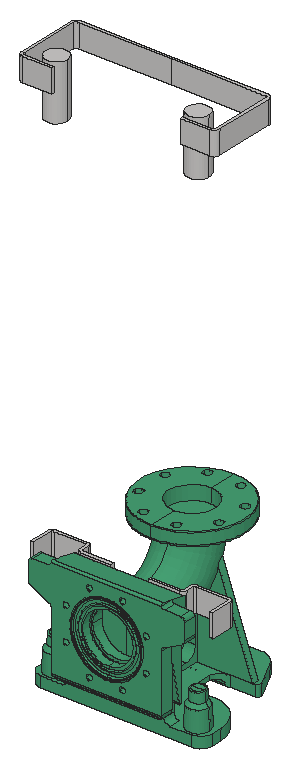
Revit family "xRail_System-Zoeller-(4_Inch)", category Mechanical Equipment, Revit 2014
Parameters (values of type "6039-0016 - 4" Rail System")
  Waste Connection = yes
  Vent Connection = no
  URL = "http://www.zoellerpumps.com/"
  Rail System Discharge Radius = 2"
  Rail System Discharge Diameter = Rail System Discharge Radius * 2  # 4"
  Pump Discharge Radius = 2"
  Pump Discharge Diameter = Pump Discharge Radius * 2  # 4"
  Product Page URL = ""
  Product Documentation Link = ""
  Price = "Prices may vary. Please consult Manufacturer Representative for most up-to-date price list."  # constant formula
  Non-Sparking Rail System = no
  Mounting Plate Material = Metal-Zoeller-Powder Coated Cast Iron
  Mounting Plate = Mounting_Plate-Zoeller-Rail_System-C00094 : C00094 - Mounting Plate
  Model = "4\" Rail System"
  Material = Metal-Zoeller-Epoxy Powder Coated Ductile Iron
  Manufacturer = "Zoeller"
  HW Connection = no
  Description = "4\" Guide Rail System SS"
  Default Elevation = 60"
  Creation Date = "1/25/2016"  # constant formula
  Connection Type = "4\" Horizontal Flange"
  CW Connection = yes
  Bracket Height = 60"
  Assembly Code = "D2030400"
Types (2): name | Non-Sparking Rail System | Mounting Plate Material | Mounting Plate
  6039-0016 - 4" Rail System | no | Metal-Zoeller-Powder Coated Cast Iron | Mounting_Plate-Zoeller-Rail_System-C00094 : C00094 - Mounting Plate
  6039-0017 - 4" Non-Sparking Rail System | yes | Brass-Zoeller-Copper Alloy | Mounting_Plate-Zoeller-Rail_System-C00095 : C00094 - Mounting Plate
Reference planes (in)
  plane 1 "Center (Front/Back)": y = 0
  plane 2: z = 0
  plane 3 "Center (Left/Right)": x = 0
  plane 4: z = 13.28125
  plane 5: y = -1.125
  plane 6: x = -4.75
  plane 7: x = 4.75
  plane 8: x = -4.125
  plane 9: x = 4.125
  plane 10: x = -3.1875
  plane 11: x = 3.1875
  plane 12: z = 6.5
  plane 13: z = 9.28125
  plane 14: x = -5.3125
  plane 15: x = 5.3125
  plane 16: through (-5.3125, -180, 0.91713) normal (-0.9397, 0, 0.342)
  plane 17: through (5.3125, -180, 0.91713) normal (-0.9397, 0, -0.342)
  plane 18: x = -6.125
  plane 19: x = 6.125
  plane 20: y = -8.1875
  plane 21: z = 48.53125
  plane 22: z = 48.28125
  plane 23: z = 43.78125
  plane 24: z = 46.28125
Forms (in)
  Revolve 1, solid, material "Metal-Zoeller-Powder Coated Cast Iron"
    sketch origin (0, 0, 0) x (0, 1, 0) y (0, 0, 1)
      loop
        line (2, 11.72292) -> (2.36773, 11.72292)
        arc (2.36773, 11.72292) -> (2.48171, 11.97646) -> (2.73893, 12.08186) r 0.375
        line (2.73893, 12.08186) -> (4.37718, 12.11047)
        arc (4.37718, 12.11047) -> (4.46416, 12.14784) -> (4.5, 12.23545) r 0.125
        line (4.5, 12.23545) -> (4.5, 13.20853)
        arc (4.5, 13.20853) -> (4.49402, 13.24671) -> (4.47667, 13.28125) r 0.125
        line (4.47667, 13.28125) -> (2, 13.28125) -> (2, 11.72292)
      axis (0, 13.28125) -> (0, 11.72292)
    angle from 0 to 360
  SweptBlend 2, solid, material "Metal-Zoeller-Powder Coated Cast Iron"
    path origin (0, 0, 0) x (0, 1, 0) y (0, 0, 1)
      loop
        arc (-5.5625, 6.5) -> (-1.62922, 8.12922) -> (0, 12.0625) r 5.5625
    profile origin (0, -5.5625, 6.5) x (0, 0, 1) y (1, 0, 0)
      loop
        circle (0, 0) r 2.375
    end profile origin (0, 0, 12.0625) x (0, -1, 0) y (1, 0, 0)
      loop
        circle (0, 0) r 2.39922
  Extrusion 3, solid, material "Metal-Zoeller-Powder Coated Cast Iron"
    sketch origin (-36.06949, 0, 0) x (1, 0, 0) y (0, 1, 0)
      loop
        arc (30.291, 0.23965) -> (30.30112, -0.00152) -> (30.51045, -0.12172) r 0.25
        line (30.51045, -0.12172) -> (32.71194, -0.16014)
        arc (32.71194, -0.16014) -> (33.40774, -0.45908) -> (33.69449, -1.15999) r 1
        line (33.69449, -1.15999) -> (33.69449, -2.27751)
        arc (33.69449, -2.27751) -> (33.40774, -2.97842) -> (32.71194, -3.27736) r 1
        line (32.71194, -3.27736) -> (31.51713, -3.29821)
        arc (31.51713, -3.29821) -> (29.42974, -4.19503) -> (28.56949, -6.29775) r 3
        line (28.56949, -6.29775) -> (28.56949, -7.1875)
        arc (28.56949, -7.1875) -> (28.86238, -7.89461) -> (29.56949, -8.1875) r 1
        line (29.56949, -8.1875) -> (42.56949, -8.1875)
        arc (42.56949, -8.1875) -> (43.2766, -7.89461) -> (43.56949, -7.1875) r 1
        line (43.56949, -7.1875) -> (43.56949, -6.29775)
        arc (43.56949, -6.29775) -> (42.70924, -4.19503) -> (40.62185, -3.29821) r 3
        line (40.62185, -3.29821) -> (39.42704, -3.27736)
        arc (39.42704, -3.27736) -> (38.73124, -2.97842) -> (38.44449, -2.27751) r 1
        line (38.44449, -2.27751) -> (38.44449, -1.15999)
        arc (38.44449, -1.15999) -> (38.73124, -0.45908) -> (39.42704, -0.16014) r 1
        line (39.42704, -0.16014) -> (41.62853, -0.12172)
        arc (41.62853, -0.12172) -> (41.83786, -0.00152) -> (41.84797, 0.23965) r 0.25
        line (41.84797, 0.23965) -> (40.64576, 2.65481)
        arc (40.64576, 2.65481) -> (39.92309, 3.45468) -> (38.89022, 3.76326) r 2
        line (38.89022, 3.76326) -> (36.06949, 3.8125) -> (33.24876, 3.76326)
        arc (33.24876, 3.76326) -> (32.21589, 3.45468) -> (31.49322, 2.65481) r 2
        line (31.49322, 2.65481) -> (30.291, 0.23965)
    from 0 to 0.91713
  Extrusion 4, solid, material "Metal-Zoeller-Powder Coated Cast Iron"
    sketch origin (0, 0, 0) x (0, 1, 0) y (0, 0, 1)
      loop
        line (3.77747, 1.08945) -> (1.12928, 8.34221)
        arc (1.12928, 8.34221) -> (-0.052, 6.69638) -> (-1.71017, 5.53249) r 6.05335
        line (-1.71017, 5.53249) -> (-2.30093, 5.25156) -> (-1.22345, 5.25156)
        arc (-1.22345, 5.25156) -> (-0.51501, 4.96209) -> (-0.21875, 4.25645) r 0.99992
        line (-0.21875, 4.25645) -> (-0.21875, 2.29672)
        arc (-0.21875, 2.29672) -> (-0.51159, 1.58971) -> (-1.2186, 1.29688) r 0.9998
        line (-1.2186, 1.29688) -> (-3.44577, 1.29687)
        arc (-3.44577, 1.29687) -> (-3.61234, 1.25785) -> (-3.74423, 1.14889) r 0.37493
        arc (-3.74423, 1.14889) -> (-3.8763, 1.03928) -> (-4.04338, 1) r 0.37493
        line (-4.04338, 1) -> (-6.1875, 1)
        arc (-6.1875, 1) -> (-6.89461, 1.29289) -> (-7.1875, 2) r 1
        line (-7.1875, 2) -> (-7.1875, 4.1679) -> (-8.1875, 4.1679) -> (-8.1875, 0.91713) -> (3.8125, 0.91713)
        arc (3.8125, 0.91713) -> (3.80144, 1.0046) -> (3.77747, 1.08945) r 0.59005
    from -0.5 to 0.5
  Extrusion 5, solid, material "Metal-Zoeller-Powder Coated Cast Iron"
    sketch origin (0, 0, 0) x (1, 0, 0) y (0, 0, 1)
      loop
        line (-5.3125, 0.91713) -> (5.3125, 0.91713) -> (1.99213, 10.03977) -> (-1.99213, 10.03977) -> (-5.3125, 0.91713)
    from -0.45581 to 0.12172
  Extrusion 6, solid, material "Metal-Zoeller-Powder Coated Cast Iron"
    sketch origin (0, 0, 0) x (1, 0, 0) y (0, 0, 1)
      loop
        line (-4.75, 9.28125) -> (-4.75, 2.06404) -> (-4.125, 2.06404) -> (-4.125, 1.41713)
        arc (-4.125, 1.41713) -> (-4.27145, 1.06358) -> (-4.625, 0.91713) r 0.5
        line (-4.625, 0.91713) -> (4.625, 0.91713)
        arc (4.625, 0.91713) -> (4.27145, 1.06358) -> (4.125, 1.41713) r 0.5
        line (4.125, 1.41713) -> (4.125, 2.06404) -> (4.75, 2.06404) -> (4.75, 9.28125) -> (-4.75, 9.28125)
      loop
        circle (0, 6.50003) r 2.09375
    from 7.1875 to 8.1875
  Extrusion 7, void
    sketch origin (0, 0, 0) x (0, 1, 0) y (0, 0, 1)
      loop
        line (-7.43204, 2.44583) -> (-8.27592, 6.41598) -> (-8.56019, 6.41598) -> (-8.56019, 1.41598) -> (-6.99933, 1.41598) -> (-6.99933, 2.24796) -> (-7.19639, 2.24796)
        arc (-7.19639, 2.24796) -> (-7.34826, 2.30635) -> (-7.43204, 2.44583) r 0.25
      loop
        line (-8.21819, 6.85563) -> (-7.67674, 9.40296) -> (-8.56019, 9.40296) -> (-8.56019, 6.85563) -> (-8.21819, 6.85563)
    from -4.75 to -4.125
  Extrusion 8, void
    sketch origin (0, 0, 0) x (0, 1, 0) y (0, 0, -1)
      loop
        arc (-7.43204, -2.44583) -> (-7.34826, -2.30635) -> (-7.19639, -2.24796) r 0.25
        line (-7.19639, -2.24796) -> (-6.99933, -2.24796) -> (-6.99933, -1.41598) -> (-8.56019, -1.41598) -> (-8.56019, -6.41598) -> (-8.27592, -6.41598) -> (-7.43204, -2.44583)
      loop
        line (-8.21819, -6.85563) -> (-8.56019, -6.85563) -> (-8.56019, -9.40296) -> (-7.67674, -9.40296) -> (-8.21819, -6.85563)
    from -4.75 to -4.125
  Revolve 9, solid, material "Metal-Zoeller-Powder Coated Cast Iron"
    sketch origin (0, 0, 0) x (0, 1, 0) y (0, 0, 1)
      loop
        line (-5.8051, 8.875) -> (-6.82709, 8.91534)
        arc (-6.82709, 8.91534) -> (-7.06237, 9.00864) -> (-7.1875, 9.22864) r 0.38157
        line (-7.1875, 9.22864) -> (-7.1875, 6.50003) -> (-5.5625, 6.50003) -> (-5.5625, 8.875) -> (-5.8051, 8.875)
      axis (-7.1875, 6.5) -> (-5.5625, 6.5)
    angle from 0 to 360
  Extrusion 10, void
    sketch origin (0, 0, 0) x (1, 0, 0) y (0, 0, 1)
      loop
        arc (-3.1875, 6.50003) -> (0, 3.31253) -> (3.1875, 6.50003) r 3.1875
        line (3.1875, 6.50003) -> (3.1875, 9.28125) -> (-3.1875, 9.28125) -> (-3.1875, 6.50003)
    from 8.06686 to 10.37384
  Extrusion 11, void
    sketch origin (0, 0, 0) x (0, 1, 0) y (0, 0, 1)
      loop
        line (-0.71867, 0.57812) -> (-2.71883, 0.57812)
        arc (-2.71883, 0.57812) -> (-3.05884, 0.4447) -> (-3.21734, 0.11562) r 0.49989
        line (-3.21734, 0.11562) -> (-3.2412, -0.20237) -> (-0.1963, -0.20237) -> (-0.22016, 0.11562)
        arc (-0.22016, 0.11562) -> (-0.37866, 0.4447) -> (-0.71867, 0.57812) r 0.49989
    from -7.5 to 7.5
  Extrusion 12, void
    sketch origin (0, 0, 0) x (1, 0, 0) y (0, 1, 0)
      loop
        circle (-6.125, -7) r 0.59375
      loop
        circle (-4.375, -5.4375) r 0.4375
      loop
        circle (4.375, -5.4375) r 0.4375
      loop
        circle (6.125, -7) r 0.59375
    from -0.26013 to 3.05873
  Extrusion 13, void
    sketch origin (0, 0, 0) x (1, 0, 0) y (0, 1, 0)
      loop
        circle (1.43506, 3.46455) r 0.375
      loop
        circle (3.46455, 1.43506) r 0.375
      loop
        circle (3.46455, -1.43506) r 0.375
      loop
        circle (1.43506, -3.46455) r 0.375
      loop
        circle (-1.43506, -3.46455) r 0.375
      loop
        circle (-3.46455, -1.43506) r 0.375
      loop
        circle (-3.46455, 1.43506) r 0.375
      loop
        circle (-1.43506, 3.46455) r 0.375
    from 10.95029 to 14.17309
  Revolve 14, solid, material "Metal-Zoeller-Powder Coated Cast Iron"
    sketch origin (0, -7, 0) x (1, 0, 0) y (0, 0, 1)
      loop
        line (-7.09375, 0.91713) -> (-6.125, 0.91713) -> (-6.125, 3.91713) -> (-6.67331, 3.91713)
        arc (-6.67331, 3.91713) -> (-6.71712, 3.89921) -> (-6.7358, 3.85572) r 0.0625
        line (-6.7358, 3.85572) -> (-6.75, 3.04213) -> (-7.04792, 2.66713) -> (-7.09375, 0.91713)
      axis (-6.125, 0.91713) -> (-6.125, 3.91713)
    angle from 0 to 360
  Revolve 15, solid, material "Metal-Zoeller-Powder Coated Cast Iron"
    sketch origin (0, -7, 0) x (-1, 0, 0) y (0, 0, -1)
      loop
        line (-7.09375, -0.91713) -> (-7.04792, -2.66713) -> (-6.75, -3.04213) -> (-6.7358, -3.85572)
        arc (-6.7358, -3.85572) -> (-6.71712, -3.89921) -> (-6.67331, -3.91713) r 0.0625
        line (-6.67331, -3.91713) -> (-6.125, -3.91713) -> (-6.125, -0.91713) -> (-7.09375, -0.91713)
      axis (-6.125, -0.91713) -> (-6.125, -3.91713)
    angle from 0 to 360
  Extrusion 16, solid, material "Metal-Zoeller-304 Stainless Steel"
    sketch origin (-34.25979, -33.24117, 36.53125) x (1, 0, 0) y (0, 1, 0)
      loop
        line (26.19979, 31.04117) -> (34.25979, 31.04117) -> (42.31979, 31.04117)
        arc (42.31979, 31.04117) -> (42.49657, 30.96794) -> (42.56979, 30.79117) r 0.25
        line (42.56979, 30.79117) -> (42.56979, 25.54117)
        arc (42.56979, 25.54117) -> (42.49657, 25.36439) -> (42.31979, 25.29117) r 0.25
        line (42.31979, 25.29117) -> (39.81979, 25.29117) -> (39.81979, 25.04117) -> (42.31979, 25.04117)
        arc (42.31979, 25.04117) -> (42.67334, 25.18761) -> (42.81979, 25.54117) r 0.5
        line (42.81979, 25.54117) -> (42.81979, 30.79117)
        arc (42.81979, 30.79117) -> (42.67334, 31.14472) -> (42.31979, 31.29117) r 0.5
        line (42.31979, 31.29117) -> (34.25979, 31.29117) -> (26.19979, 31.29117)
        arc (26.19979, 31.29117) -> (25.84624, 31.14472) -> (25.69979, 30.79117) r 0.5
        line (25.69979, 30.79117) -> (25.69979, 25.54117)
        arc (25.69979, 25.54117) -> (25.84624, 25.18761) -> (26.19979, 25.04117) r 0.5
        line (26.19979, 25.04117) -> (28.69979, 25.04117) -> (28.69979, 25.29117) -> (26.19979, 25.29117)
        arc (26.19979, 25.29117) -> (26.02301, 25.36439) -> (25.94979, 25.54117) r 0.25
        line (25.94979, 25.54117) -> (25.94979, 30.79117)
        arc (25.94979, 30.79117) -> (26.02301, 30.96794) -> (26.19979, 31.04117) r 0.25
    from 9.75 to 11.75
  Extrusion 17, solid, material "Metal-Zoeller-304 Stainless Steel"
    sketch origin (-34.25979, -33.24117, 36.53125) x (1, 0, 0) y (0, 1, 0)
      loop
        circle (28.13479, 26.24117) r 0.95
      loop
        circle (40.38479, 26.24117) r 0.95
    from 7.25 to 12
Cuts and joins
  Extrusion 10, Extrusion 11, Extrusion 12, Extrusion 13 cuts Revolve 1
  Extrusion 10, Extrusion 11, Extrusion 12, Extrusion 13 cuts SweptBlend 2
  Extrusion 7, Extrusion 8, Extrusion 10, Extrusion 11, Extrusion 12, Extrusion 13 cuts Extrusion 3
  Extrusion 7, Extrusion 10, Extrusion 11, Extrusion 12, Extrusion 13 cuts Extrusion 4
  Extrusion 7, Extrusion 8, Extrusion 10, Extrusion 11, Extrusion 12, Extrusion 13 cuts Extrusion 5
  Extrusion 7, Extrusion 8, Extrusion 10, Extrusion 11, Extrusion 12, Extrusion 13 cuts Extrusion 6
  joined: Revolve 1, SweptBlend 2, Extrusion 3, Extrusion 4, Extrusion 5, Extrusion 6, Revolve 14, Revolve 15
  Extrusion 10 cuts Revolve 9
Lines and regions (in)
  Masking region 1
    outline origin (0, 0, 0) x (1, 0, 0) y (0, 1, 0)
      loop
        arc (-4.55236, -3.29821) -> (-6.63975, -4.19503) -> (-7.5, -6.29775) r 3
        line (-7.5, -6.29775) -> (-7.5, -7.1875)
        arc (-7.5, -7.1875) -> (-7.20711, -7.89461) -> (-6.5, -8.1875) r 1
        line (-6.5, -8.1875) -> (6.5, -8.1875)
        arc (6.5, -8.1875) -> (7.20711, -7.89461) -> (7.5, -7.1875) r 1
        line (7.5, -7.1875) -> (7.5, -6.29775)
        arc (7.5, -6.29775) -> (6.63975, -4.19503) -> (4.55236, -3.29821) r 3
        line (4.55236, -3.29821) -> (3.35755, -3.27736)
        arc (3.35755, -3.27736) -> (3.22367, -3.26599) -> (3.09253, -3.23679) r 1
        arc (3.09253, -3.23679) -> (4.08795, -1.82461) -> (4.47446, -0.14065) r 4.47667
        line (4.47446, -0.14065) -> (5.55904, -0.12172)
        arc (5.55904, -0.12172) -> (5.76837, -0.00152) -> (5.77848, 0.23965) r 0.25
        line (5.77848, 0.23965) -> (4.57627, 2.65481)
        arc (4.57627, 2.65481) -> (3.8536, 3.45468) -> (2.82073, 3.76326) r 2
        line (2.82073, 3.76326) -> (2.41347, 3.77037)
        arc (2.41347, 3.77037) -> (0, 4.47667) -> (-2.41347, 3.77037) r 4.47667
        line (-2.41347, 3.77037) -> (-2.82073, 3.76326)
        arc (-2.82073, 3.76326) -> (-3.8536, 3.45468) -> (-4.57627, 2.65481) r 2
        line (-4.57627, 2.65481) -> (-5.77848, 0.23965)
        arc (-5.77848, 0.23965) -> (-5.76837, -0.00152) -> (-5.55904, -0.12172) r 0.25
        line (-5.55904, -0.12172) -> (-4.47446, -0.14065)
        arc (-4.47446, -0.14065) -> (-4.08795, -1.82461) -> (-3.09253, -3.23679) r 4.47667
        arc (-3.09253, -3.23679) -> (-3.22367, -3.26599) -> (-3.35755, -3.27736) r 1
        line (-3.35755, -3.27736) -> (-4.55236, -3.29821)
  symbolic lines, detail levels fine
    curve 1: arc (-4.47446, -0.14065, 0) -> (-3.96042, 2.08702, 0) -> (-2.41347, 3.77037, 0) r 4.47667
    curve 2: arc (2.41347, 3.77037, 0) -> (3.96042, 2.08702, 0) -> (4.47446, -0.14065, 0) r 4.47667
    curve 3: arc (3.09253, -3.23679, 0) -> (0, -4.47667, 0) -> (-3.09253, -3.23679, 0) r 4.47667
    curve 4: circle (0, 0, 0) r 2 normal (0, 0, 1)
    curve 5: line (-4.75, -7.1875, 0) -> (4.75, -7.1875, 0)
    curve 6: line (-4.75, -8.1875, 0) -> (-4.75, -7.1875, 0)
    curve 7: line (4.75, -8.1875, 0) -> (-4.75, -8.1875, 0)
    curve 8: line (4.75, -7.1875, 0) -> (4.75, -8.1875, 0)
    curve 9: line (-2.38806, -3.78651, 0) -> (-2.38806, -7.1875, 0)
    curve 10: line (2.38806, -3.78651, 0) -> (2.38806, -7.1875, 0)
Dimensions and locks (in)
  "Rail System Discharge Radius": Revolve 1 sketch curve to plane 1 "Center (Front/Back)"
  locked: Revolve 1 sketch curve to plane 1 "Center (Front/Back)" at 4.5
  locked: Revolve 1 sketch curve to plane 1 "Center (Front/Back)" at 2.74239
  locked: Revolve 1 sketch curve to plane 1 "Center (Front/Back)" at 2.36773
  plane 6 to plane 3 "Center (Left/Right)" = 4 3/4"
  plane 7 to plane 6 = 9 1/2"
  plane 3 "Center (Left/Right)" to plane 8 = 4 1/8"
  plane 12 to level = 6 1/2"
  plane 13 to plane 12 = 2 25/32"
  plane 14 to plane 3 "Center (Left/Right)" = 5 5/16"
  plane 4 to level = 13 9/32"
  plane 21 to plane 23 = 4 3/4"
  aligned and locked: plane 3 "Center (Left/Right)" to nested 1
  aligned and locked: plane 20 to nested 1
Automatic sketch dimensions
  Revolve 1 sketch curve to plane 1 "Center (Front/Back)" = 0"
  Revolve 1 sketch curve to plane 4 = 0"
  Revolve 1 sketch curve to plane 4 = 1.19939"
  Revolve 1 sketch curve to Revolve 1 sketch curve = 0.00346"
  Revolve 1 sketch curve to Revolve 1 sketch curve = 1/8"  (x2)
  Revolve 1 sketch curve to plane 4 = 0.07272"
  Revolve 1 sketch curve to plane 4 = 1.17078"
  Revolve 1 sketch curve to Revolve 1 sketch curve = 0.00218"
  Revolve 1 sketch curve to Revolve 1 sketch curve = 0.35894"
  plane 12 to Revolve 1 sketch curve = 0.12781"
  Revolve 1 sketch curve to plane 4 = 1.15344"
  SweptBlend 2 sketch curve to plane 12 = 0"
  SweptBlend 2 sketch curve to plane 1 "Center (Front/Back)" = 0"
  SweptBlend 2 sketch curve to plane 4 = 1 7/32"
  SweptBlend 2 sketch curve to plane 3 "Center (Left/Right)" = 0"  (x2)
  SweptBlend 2 sketch curve to profile plane = 0"  (x2)
  Extrusion 3 sketch curve to plane 20 = 0"
  Extrusion 3 sketch curve to plane 3 "Center (Left/Right)" = 0"
  plane 5 to Extrusion 3 sketch curve = 0.03499"  (x2)
  plane 10 to Extrusion 3 sketch curve = 13/16"
  plane 10 to Extrusion 3 sketch curve = 0.40167"
  plane 10 to Extrusion 3 sketch curve = 0.36677"
  Extrusion 3 sketch curve to plane 10 = 0.17005"  (x2)
  Extrusion 3 sketch curve to plane 10 = 3/16"  (x2)
  plane 6 to Extrusion 3 sketch curve = 1/4"
  plane 6 to Extrusion 3 sketch curve = 0.19764"
  plane 6 to Extrusion 3 sketch curve = 0.17373"
  Extrusion 3 sketch curve to plane 14 = 31/128"
  plane 1 "Center (Front/Back)" to Extrusion 3 sketch curve = 0.12172"  (x2)
  Extrusion 3 sketch curve to plane 14 = 0.24654"
  Extrusion 3 sketch curve to plane 1 "Center (Front/Back)" = 0.23965"  (x2)
  Extrusion 3 sketch curve to Extrusion 3 sketch curve = 0.22381"  (x2)
  Extrusion 3 sketch curve to plane 18 = 3/8"
  Extrusion 3 sketch curve to Extrusion 3 sketch curve = 1"  (x2)
  plane 11 to Extrusion 3 sketch curve = 13/16"
  plane 11 to Extrusion 3 sketch curve = 0.40167"
  plane 11 to Extrusion 3 sketch curve = 0.36677"
  Extrusion 3 sketch curve to plane 11 = 0.17005"  (x2)
  Extrusion 3 sketch curve to plane 11 = 3/16"  (x2)
  plane 7 to Extrusion 3 sketch curve = 1/4"
  plane 7 to Extrusion 3 sketch curve = 0.19764"
  plane 7 to Extrusion 3 sketch curve = 0.17373"
  Extrusion 3 sketch curve to plane 15 = 31/128"
  Extrusion 3 sketch curve to plane 15 = 0.24654"
  Extrusion 3 sketch curve to plane 19 = 3/8"
  plane 20 to Extrusion 3 sketch curve = 1.88975"
  Extrusion 3 sketch curve to Extrusion 3 sketch curve = 0.88975"
  Extrusion 3 sketch curve to Extrusion 3 sketch curve = 0.02086"  (x2)
  Extrusion 3 sketch curve to plane 1 "Center (Front/Back)" = 1.76357"  (x2)
  Extrusion 3 sketch curve to Extrusion 3 sketch curve = 0.89124"  (x2)
  Extrusion 3 sketch curve to Extrusion 3 sketch curve = 0.04924"
  Extrusion 4 sketch curve to plane 20 = 0"
  plane 20 to Extrusion 4 sketch curve = 1"
  Extrusion 4 sketch curve to Extrusion 4 sketch curve = 1"
  plane 5 to Extrusion 4 sketch curve = 3.18479"
  Extrusion 4 sketch curve to Extrusion 4 sketch curve = 2.14414"
  Extrusion 4 sketch curve to Extrusion 4 sketch curve = 0.59757"
  plane 5 to Extrusion 4 sketch curve = 1.17593"
  plane 5 to Extrusion 4 sketch curve = 0.58517"
  plane 5 to Extrusion 4 sketch curve = 0.09845"
  plane 5 to Extrusion 4 sketch curve = 0.09366"
  plane 5 to Extrusion 4 sketch curve = 0.09355"
  plane 1 "Center (Front/Back)" to Extrusion 4 sketch curve = 7/32"  (x2)
  Extrusion 4 sketch curve to plane 1 "Center (Front/Back)" = 1.12928"
  level to Extrusion 4 sketch curve = 0.88708"
  Extrusion 4 sketch curve to plane 1 "Center (Front/Back)" = 3.22322"
  level to Extrusion 4 sketch curve = 1.08945"
  Extrusion 4 sketch curve to Extrusion 4 sketch curve = 0.55426"
  Extrusion 4 sketch curve to Extrusion 4 sketch curve = 0.03503"
  level to Extrusion 4 sketch curve = 0.92194"
  level to Extrusion 4 sketch curve = 1"
  Extrusion 4 sketch curve to Extrusion 4 sketch curve = 0.37493"
  level to Extrusion 4 sketch curve = 2.29668"
  Extrusion 4 sketch curve to plane 12 = 2.3321"
  Extrusion 4 sketch curve to Extrusion 4 sketch curve = 1.95498"
  Extrusion 4 sketch curve to Extrusion 4 sketch curve = 0.0048"
  Extrusion 4 sketch curve to Extrusion 4 sketch curve = 0.28093"
  plane 12 to Extrusion 4 sketch curve = 1.84221"
  Extrusion 4 sketch curve to Extrusion 4 sketch curve = 0"  (x9)
  Extrusion 4 sketch curve to Extrusion 4 sketch curve = 0.29915"
  Extrusion 4 sketch curve to Extrusion 4 sketch curve = 0.29846"
  plane 5 to Extrusion 4 sketch curve = 0.0936"
  Extrusion 5 sketch curve to plane 14 = 0"
  plane 16 to Extrusion 5 sketch curve = 0"
  Extrusion 5 sketch curve to plane 17 = 0"  (x2)
  plane 15 to Extrusion 5 sketch curve = 0"
  plane 13 to Extrusion 5 sketch curve = 0.75852"
  Extrusion 6 sketch curve to plane 6 = 0"
  Extrusion 6 sketch curve to plane 8 = 0"
  Extrusion 6 sketch curve to plane 3 "Center (Left/Right)" = 0"
  plane 9 to Extrusion 6 sketch curve = 0"
  plane 7 to Extrusion 6 sketch curve = 0"
  plane 6 to Extrusion 6 sketch curve = 1/8"
  plane 7 to Extrusion 6 sketch curve = 1/8"
  level to Extrusion 6 sketch curve = 0.91713"
  Extrusion 6 sketch curve to Extrusion 6 sketch curve = 1/2"
  Extrusion 6 sketch curve to Extrusion 6 sketch curve = 0.64691"  (x2)
  plane 12 to Extrusion 6 sketch curve = 0.00003"
  plane 13 to Extrusion 6 sketch curve = 0"
  Extrusion 6 sketch curve to Extrusion 6 sketch curve = 0"
  Extrusion 7 sketch curve to plane 20 = 0.37269"  (x2)
  Extrusion 7 sketch curve to plane 20 = 0.08842"
  Extrusion 7 sketch curve to plane 20 = 0.03069"
  plane 13 to Extrusion 7 sketch curve = 0.12171"
  plane 20 to Extrusion 7 sketch curve = 0.51076"
  plane 20 to Extrusion 7 sketch curve = 0.75546"
  Extrusion 7 sketch curve to Extrusion 7 sketch curve = 0.23564"
  Extrusion 7 sketch curve to Extrusion 7 sketch curve = 0.24454"
  Extrusion 7 sketch curve to Extrusion 7 sketch curve = 0.19706"
  plane 12 to Extrusion 7 sketch curve = 0.35563"
  Extrusion 7 sketch curve to plane 12 = 0.08402"
  level to Extrusion 7 sketch curve = 2.4978"
  Extrusion 7 sketch curve to Extrusion 7 sketch curve = 0.05198"
  Extrusion 7 sketch curve to Extrusion 7 sketch curve = 0.83198"
  Extrusion 8 sketch curve to plane 20 = 0.37269"  (x2)
  Extrusion 8 sketch curve to plane 20 = 0.08842"
  Extrusion 8 sketch curve to plane 20 = 0.03069"
  plane 13 to Extrusion 8 sketch curve = 0.12171"
  plane 20 to Extrusion 8 sketch curve = 0.51076"
  plane 20 to Extrusion 8 sketch curve = 0.75546"
  Extrusion 8 sketch curve to Extrusion 8 sketch curve = 0.23564"
  Extrusion 8 sketch curve to Extrusion 8 sketch curve = 0.24454"
  Extrusion 8 sketch curve to Extrusion 8 sketch curve = 0.19706"
  plane 12 to Extrusion 8 sketch curve = 0.35563"
  Extrusion 8 sketch curve to plane 12 = 0.08402"
  level to Extrusion 8 sketch curve = 2.4978"
  Extrusion 8 sketch curve to Extrusion 8 sketch curve = 0.05198"
  Extrusion 8 sketch curve to Extrusion 8 sketch curve = 0.83198"
  Revolve 9 sketch curve to plane 12 = 0"
  Revolve 9 sketch curve to plane 13 = 0.05261"
  plane 20 to Revolve 9 sketch curve = 1"
  Revolve 9 sketch curve to plane 13 = 0.36591"
  Revolve 9 sketch curve to Revolve 9 sketch curve = 0.36041"
  plane 13 to Revolve 9 sketch curve = 0.01536"
  Revolve 9 sketch curve to plane 13 = 13/32"
  Revolve 9 sketch curve to Revolve 9 sketch curve = 1.02198"
  plane 12 to Revolve 9 sketch curve = 0.00003"
  Revolve 9 sketch curve to Revolve 9 sketch curve = 1 5/8"
  Revolve 9 sketch curve to Revolve 9 sketch curve = 0"
  Revolve 9 sketch curve to Revolve 9 sketch curve = 1.42762"
  Extrusion 10 sketch curve to plane 10 = 0"
  Extrusion 10 sketch curve to plane 3 "Center (Left/Right)" = 0"
  plane 12 to Extrusion 10 sketch curve = 0.00003"
  plane 13 to Extrusion 10 sketch curve = 0"
  Extrusion 10 sketch curve to Extrusion 10 sketch curve = 0"
  Extrusion 11 sketch curve to level = 0.20237"
  plane 5 to Extrusion 11 sketch curve = 2.1162"
  level to Extrusion 11 sketch curve = 0.11562"  (x2)
  Extrusion 11 sketch curve to Extrusion 11 sketch curve = 0.02385"
  level to Extrusion 11 sketch curve = 0.07823"  (x2)
  Extrusion 11 sketch curve to Extrusion 11 sketch curve = 0.49849"
  Extrusion 11 sketch curve to plane 5 = 0.40636"
  plane 1 "Center (Front/Back)" to Extrusion 11 sketch curve = 0.22016"
  plane 1 "Center (Front/Back)" to Extrusion 11 sketch curve = 0.1963"
  Extrusion 11 sketch curve to Extrusion 11 sketch curve = 0.00003"
  Extrusion 11 sketch curve to Extrusion 11 sketch curve = 0"  (x3)
  Extrusion 11 sketch curve to plane 5 = 0.40633"
  Revolve 14 sketch curve to plane 18 = 0"  (x2)
  Revolve 14 sketch curve to plane 18 = 0.54831"
  Revolve 14 sketch curve to Revolve 14 sketch curve = 1/16"
  Revolve 14 sketch curve to plane 18 = 5/8"
  Revolve 14 sketch curve to Revolve 14 sketch curve = 0.29792"
  Revolve 14 sketch curve to plane 18 = 31/32"
  level to Revolve 14 sketch curve = 0.91713"
  Revolve 14 sketch curve to Revolve 14 sketch curve = 1 3/4"
  Revolve 14 sketch curve to Revolve 14 sketch curve = 3/8"
  Revolve 14 sketch curve to Revolve 14 sketch curve = 13/16"
  Revolve 14 sketch curve to Revolve 14 sketch curve = 0.00109"
  Revolve 14 sketch curve to Revolve 14 sketch curve = 0.08443"
  Revolve 14 sketch curve to Revolve 14 sketch curve = 1.08631"
  plane 19 to Revolve 15 sketch curve = 0"  (x2)
  Revolve 15 sketch curve to plane 19 = 0.54831"
  Revolve 15 sketch curve to Revolve 15 sketch curve = 1/16"
  Revolve 15 sketch curve to plane 19 = 5/8"
  Revolve 15 sketch curve to Revolve 15 sketch curve = 0.29792"
  Revolve 15 sketch curve to plane 19 = 31/32"
  Revolve 15 sketch curve to plane 12 = 2.58287"
  Revolve 15 sketch curve to Revolve 15 sketch curve = 0.06141"
  Revolve 15 sketch curve to Revolve 15 sketch curve = 0.81359"
  Revolve 15 sketch curve to Revolve 15 sketch curve = 3/8"
  level to Revolve 15 sketch curve = 0.91713"
  Revolve 15 sketch curve to Revolve 15 sketch curve = 0.08443"
  Revolve 15 sketch curve to Revolve 15 sketch curve = 1.08631"
  Extrusion 16 sketch curve to Extrusion 16 sketch curve = 0"  (x8)
  Extrusion 16 sketch curve to plane 3 "Center (Left/Right)" = 0"  (x2)
  Extrusion 16 sketch curve to plane 14 = 0.2475"
  plane 5 to Extrusion 16 sketch curve = 0.825"
  Extrusion 16 sketch curve to plane 18 = 1.935"  (x2)
  plane 20 to Extrusion 16 sketch curve = 0.4875"
  Extrusion 16 sketch curve to Extrusion 16 sketch curve = 1/4"  (x3)
  Extrusion 16 sketch curve to plane 15 = 0.2475"
  Extrusion 16 sketch curve to plane 20 = 0.0125"
  Extrusion 16 sketch curve to plane 19 = 1.935"  (x2)
  Extrusion 17 sketch curve to plane 18 = 0"
  Extrusion 17 sketch curve to plane 19 = 0"
  plane 20 to Extrusion 17 sketch curve = 1 3/16"  (x2)
  Masking region 1 sketch curve to Masking region 1 sketch curve = 0"  (x4)
  Masking region 1 sketch curve to plane 20 = 0"
  plane 1 "Center (Front/Back)" to Masking region 1 sketch curve = 0"
  Masking region 1 sketch curve to plane 3 "Center (Left/Right)" = 0"
  plane 10 to Masking region 1 sketch curve = 0.77403"
  plane 10 to Masking region 1 sketch curve = 0.40167"
  plane 10 to Masking region 1 sketch curve = 0.36677"
  Masking region 1 sketch curve to plane 10 = 0.17005"
  Masking region 1 sketch curve to plane 10 = 3/16"
  plane 6 to Masking region 1 sketch curve = 0.27554"
  plane 6 to Masking region 1 sketch curve = 1/4"
  plane 6 to Masking region 1 sketch curve = 0.19764"
  plane 6 to Masking region 1 sketch curve = 0.17373"
  Masking region 1 sketch curve to plane 14 = 31/128"
  plane 1 "Center (Front/Back)" to Masking region 1 sketch curve = 0.12172"  (x2)
  Masking region 1 sketch curve to plane 14 = 0.24654"
  Masking region 1 sketch curve to Masking region 1 sketch curve = 0.22381"  (x2)
  Masking region 1 sketch curve to plane 18 = 3/8"
  plane 11 to Masking region 1 sketch curve = 0.77403"
  plane 11 to Masking region 1 sketch curve = 0.40167"
  plane 11 to Masking region 1 sketch curve = 0.36677"
  Masking region 1 sketch curve to plane 11 = 0.17005"
  Masking region 1 sketch curve to plane 11 = 3/16"
  plane 7 to Masking region 1 sketch curve = 1/4"
  plane 7 to Masking region 1 sketch curve = 0.19764"
  plane 7 to Masking region 1 sketch curve = 0.17373"
  Masking region 1 sketch curve to plane 15 = 31/128"
  Masking region 1 sketch curve to plane 15 = 0.24654"
  Masking region 1 sketch curve to plane 1 "Center (Front/Back)" = 0.23965"
  Masking region 1 sketch curve to plane 19 = 3/8"
  plane 20 to Masking region 1 sketch curve = 1"
  Masking region 1 sketch curve to Masking region 1 sketch curve = 0.88975"
  Masking region 1 sketch curve to Masking region 1 sketch curve = 0.02086"  (x2)
  Masking region 1 sketch curve to Masking region 1 sketch curve = 0.99985"  (x2)
  plane 1 "Center (Front/Back)" to Masking region 1 sketch curve = 0.14065"  (x2)
  Masking region 1 sketch curve to plane 1 "Center (Front/Back)" = 0.12825"
  Masking region 1 sketch curve to plane 1 "Center (Front/Back)" = 1.76357"  (x2)
  Masking region 1 sketch curve to Masking region 1 sketch curve = 0.89124"  (x2)
  Masking region 1 sketch curve to Masking region 1 sketch curve = 0.00711"
  plane 10 to Masking region 1 sketch curve = 0.09497"
  Masking region 1 sketch curve to plane 9 = 0.34946"
  plane 20 to Masking region 1 sketch curve = 1.88975"
  curve 1 to curve 2 = 0"  (x2)
  curve 1 to curve 3 = 0"  (x2)
  curve 1 to curve 4 = 0"  (x2)
  curve 2 to curve 3 = 0"  (x2)
  curve 2 to curve 4 = 0"  (x2)
  curve 3 to curve 4 = 0"  (x2)
  curve 7 to plane 6 = 0"
  plane 1 "Center (Front/Back)" to curve 3 = 0"
  curve 3 to plane 3 "Center (Left/Right)" = 0"
  curve 8 to plane 7 = 0"
  curve 7 to plane 20 = 0"
  curve 7 to curve 8 = 1"
  plane 6 to curve 1 = 0.27554"
  plane 10 to curve 3 = 0.09497"
  plane 10 to curve 1 = 0.77403"
  plane 10 to curve 9 = 0.79944"
  plane 11 to curve 10 = 0.79944"
  plane 11 to curve 2 = 0.77403"
  plane 11 to curve 3 = 0.09497"
  plane 7 to curve 2 = 0.27554"
  plane 5 to curve 10 = 2.66151"
  plane 1 "Center (Front/Back)" to curve 2 = 0.14065"
  plane 1 "Center (Front/Back)" to curve 1 = 0.14065"
  radius of SweptBlend 2 sketch curve = 2.39922"
  radius of SweptBlend 2 sketch curve = 2 3/8"
  radius of Extrusion 6 sketch curve = 2 3/32"
  radius of Extrusion 17 sketch curve = 0.95"  (x2)
  radius of curve 4 = 2"
Nested families (in)
  nested 1: "Mounting_Plate-Zoeller-Rail_System-C00094" at (0, -9.28125, 1.75), type <- "Mounting Plate", type "C00094 - Mounting Plate"
Connectors (in)
  piping at (0, 0, 13.1875), diameter 4, driven by "Rail System Discharge Radius"
    settings: on Revolve 1, index 2, connector inside diameter 4", connector length 0", flow factor 0, pipe flow 0 GPM, pressure drop 0.00 psi, fitting loss kfactor 0, connector angle 0.00°, fixture units 0, engagement length 0", angle of deflection 0.00°, flow configuration 0, flow direction 2, fitting loss method 0, system type 29, joint type 0, gender type 0, connector reference index -1, connector utility 0, adjustable connector no, is connector primary yes, connector description "Rail System Discharge Connection"
  piping at (0, -9.25, 6.5), diameter 4, driven by "Pump Discharge Radius"
    settings: on nested 1, index 3, connector inside diameter 24", connector length 0", flow factor 0, pipe flow 0 GPM, pressure drop 0.00 psi, fitting loss kfactor 0, connector angle 0.00°, fixture units 0, engagement length 0", angle of deflection 0.00°, flow configuration 0, flow direction 1, fitting loss method 0, system type 29, joint type 0, gender type 0, connector reference index -1, connector utility 0, adjustable connector no, is connector primary no, connector description "Horizontal Flange Discharge"
Definition of nested family "Mounting_Plate-Zoeller-Rail_System-C00094"
  Parameters (values of type "C00094 - Mounting Plate")
    Waste Connection = yes
    Vent Connection = no
    URL = "http://www.zoellerpumps.com/"
    Price = "Prices may vary. Please consult Manufacturer Representative for most up-to-date price list."  # constant formula
    Model = "C00094"
    Material = "Metal-Zoeller-Powder Coated Cast Iron"  # constant formula
    Manufacturer = "Zoeller"
    HW Connection = no
    Description = "Mountain Plate"
    Default Elevation = 60"
    Creation Date = "3/24/2016"  # constant formula
    CW Connection = yes
    Assembly Code = "D2030400"
  Reference planes (in)
    plane 1 "Center (Front/Back)": y = 0
    plane 2: z = 0
    plane 3 "Center (Left/Right)": x = 0
    plane 4: x = 0
    plane 5: x = -2.625
    plane 6: x = -3.625
    plane 7: x = 2.625
    plane 8: x = 3.625
    plane 9: x = -6.125
    plane 10: x = 6.125
    plane 11: z = 4.75
  Forms (in)
    Extrusion 1, void
      sketch origin (0, 0, 0) x (1, 0, 0) y (0, 0, 1)
        loop
          line (-5.01526, 8.75) -> (-6.375, 8.75)
          arc (-6.375, 8.75) -> (-6.64017, 8.64017) -> (-6.75, 8.375) r 0.375
          line (-6.75, 8.375) -> (-6.75, 6.98176)
          arc (-6.75, 6.98176) -> (-6.69399, 6.78461) -> (-6.54271, 6.64635) r 0.375
          line (-6.54271, 6.64635) -> (-4.95729, 5.85365)
          arc (-4.95729, 5.85365) -> (-4.80601, 5.71539) -> (-4.75, 5.51824) r 0.375
          line (-4.75, 5.51824) -> (-4.75, 0.5)
          arc (-4.75, 0.5) -> (-4.60355, 0.14645) -> (-4.25, 0) r 0.5
          line (-4.25, 0) -> (4.25, 0)
          arc (4.25, 0) -> (4.60355, 0.14645) -> (4.75, 0.5) r 0.5
          line (4.75, 0.5) -> (4.75, 5.51824)
          arc (4.75, 5.51824) -> (4.80601, 5.71539) -> (4.95729, 5.85365) r 0.375
          line (4.95729, 5.85365) -> (6.54271, 6.64635)
          arc (6.54271, 6.64635) -> (6.69399, 6.78461) -> (6.75, 6.98176) r 0.375
          line (6.75, 6.98176) -> (6.75, 8.375)
          arc (6.75, 8.375) -> (6.64017, 8.64017) -> (6.375, 8.75) r 0.375
          line (6.375, 8.75) -> (5.01526, 8.75)
          arc (5.01526, 8.75) -> (4.83631, 8.82413) -> (4.76218, 9.00308) r 0.25308
          line (4.76218, 9.00308) -> (4.76218, 9.33569) -> (-4.76218, 9.33569) -> (-4.76218, 9.00308)
          arc (-4.76218, 9.00308) -> (-4.83631, 8.82413) -> (-5.01526, 8.75) r 0.25308
        loop
          line (-7.44836, 11.82375) -> (-7.44836, -2.17625) -> (7.30164, -2.17625) -> (7.30164, 11.82375) -> (-7.44836, 11.82375)
      from -2.69697 to 0.79008
    Extrusion 2, solid, material "Metal-Zoeller-Powder Coated Ductile Iron"
      sketch origin (0, 0, 0) x (0, 1, 0) y (0, 0, 1)
        loop
          line (1.09375, 0) -> (1.09375, 8.97071) -> (0.23517, 9.1221)
          arc (0.23517, 9.1221) -> (0.09332, 9.08409) -> (0.03125, 8.95099) r 0.17375
          line (0.03125, 8.95099) -> (0.03125, 0.37752)
          arc (0.03125, 0.37752) -> (0.05743, 0.30097) -> (0.125, 0.25649) r 0.125
          arc (0.125, 0.25649) -> (0.19257, 0.21201) -> (0.21875, 0.13546) r 0.125
          line (0.21875, 0.13546) -> (0.21875, 0) -> (1.09375, 0)
      from -7.06577 to 7.03547
    Extrusion 3, solid, material "Metal-Zoeller-Powder Coated Ductile Iron"
      sketch origin (0, 0, 0) x (0, 1, 0) y (0, 0, 1)
        loop
          line (2.4056, 8.7394) -> (1.09375, 8.97071) -> (1.09375, 7.75)
          arc (1.09375, 7.75) -> (1.13036, 7.83839) -> (1.21875, 7.875) r 0.125
          line (1.21875, 7.875) -> (1.72712, 7.875)
          arc (1.72712, 7.875) -> (1.7972, 7.85351) -> (1.84318, 7.79642) r 0.125
          line (1.84318, 7.79642) -> (2.06103, 7.2518)
          arc (2.06103, 7.2518) -> (2.24196, 7.02551) -> (2.51802, 6.93755) r 0.5
          arc (2.51802, 6.93755) -> (2.61138, 6.97743) -> (2.64436, 7.07343) r 0.125
          line (2.64436, 7.07343) -> (2.50842, 8.62719)
          arc (2.50842, 8.62719) -> (2.47606, 8.70075) -> (2.4056, 8.7394) r 0.125
      from -4.76218 to 4.76218
    Extrusion 4, void
      sketch origin (0, 0, 0) x (1, 0, 0) y (0, 0, 1)
        loop
          line (2.28039, 6.84857) -> (2.25421, 7.59811)
          arc (2.25421, 7.59811) -> (2.21612, 7.68367) -> (2.12929, 7.71875) r 0.125
          line (2.12929, 7.71875) -> (-2.12929, 7.71875)
          arc (-2.12929, 7.71875) -> (-2.21612, 7.68367) -> (-2.25421, 7.59811) r 0.125
          line (-2.25421, 7.59811) -> (-2.28039, 6.84857) -> (2.28039, 6.84857)
      from -5.22314 to -1.09375
    Revolve 5, solid, material "Metal-Zoeller-Powder Coated Ductile Iron"
      sketch origin (0, 0, 0) x (0, 1, 0) y (0, 0, 1)
        loop
          arc (0, 7.79777) -> (0.00915, 7.77568) -> (0.03125, 7.76652) r 0.03125
          line (0.03125, 7.76652) -> (0.12061, 7.76652) -> (0.12061, 7.90625) -> (0.03125, 7.90625)
          arc (0.03125, 7.90625) -> (0.02706, 7.89063) -> (0.01563, 7.87919) r 0.03125
          arc (0.01563, 7.87919) -> (0.00419, 7.86775) -> (0, 7.85212) r 0.03125
          line (0, 7.85212) -> (0, 7.79777)
        axis (0, 4.75) -> (0.12061, 4.75)
      angle from 0 to 360
    Revolve 6, void
      sketch origin (0, 20.64339, 3.22367) x (0, 1, 0) y (0, 0, 1)
        loop
          line (-20.4191, 3.69997) -> (-20.4191, 3.88628) -> (-20.4812, 4.01048) -> (-20.4191, 4.13469) -> (-20.4191, 4.3935)
          arc (-20.4191, 4.3935) -> (-20.45173, 4.47741) -> (-20.53248, 4.51724) r 0.12421
          line (-20.53248, 4.51724) -> (-20.63646, 4.52633) -> (-20.63646, 1.52633) -> (-19.54964, 1.52633) -> (-19.54964, 3.8372)
          arc (-19.54964, 3.8372) -> (-19.58526, 3.75014) -> (-19.67168, 3.71301) r 0.12421
          line (-19.67168, 3.71301) -> (-20.4191, 3.69997)
        axis (-19.54964, 1.52633) -> (-20.63646, 1.52633)
      angle from 0 to 360
    Extrusion 7, void
      sketch origin (0, 0, 0) x (1, 0, 0) y (0, 0, 1)
        loop
          circle (-1.43506, 8.21455) r 0.2656
        loop
          circle (1.43506, 8.21455) r 0.2656
        loop
          circle (-1.43506, 1.28545) r 0.2656
        loop
          circle (1.43506, 1.28545) r 0.2656
        loop
          circle (3.46455, 6.18506) r 0.2656
        loop
          circle (3.46455, 3.31494) r 0.2656
        loop
          circle (-3.46455, 6.18506) r 0.2656
        loop
          circle (-3.46455, 3.31494) r 0.2656
      from -1.09375 to 1.33473
    Extrusion 8, solid, material "Metal-Zoeller-304 Stainless Steel"
      sketch origin (-17.30578, 12.69454, 6.85031) x (1, 0, 0) y (0, 1, 0)
        loop
          line (9.43078, -10.99815) -> (9.68078, -10.99815) -> (9.68078, -9.11815)
          arc (9.68078, -9.11815) -> (9.71592, -9.0333) -> (9.80078, -8.99815) r 0.12
          line (9.80078, -8.99815) -> (12.56078, -8.99815)
          arc (12.56078, -8.99815) -> (12.64563, -9.0333) -> (12.68078, -9.11815) r 0.12
          line (12.68078, -9.11815) -> (12.68078, -9.74815)
          arc (12.68078, -9.74815) -> (12.78915, -10.00978) -> (13.05078, -10.11815) r 0.37
          line (13.05078, -10.11815) -> (15.68078, -10.11815) -> (15.68078, -9.86815) -> (13.05078, -9.86815)
          arc (13.05078, -9.86815) -> (12.96592, -9.83301) -> (12.93078, -9.74815) r 0.12
          line (12.93078, -9.74815) -> (12.93078, -9.11815)
          arc (12.93078, -9.11815) -> (12.82241, -8.85652) -> (12.56078, -8.74815) r 0.37
          line (12.56078, -8.74815) -> (9.80078, -8.74815)
          arc (9.80078, -8.74815) -> (9.53915, -8.85652) -> (9.43078, -9.11815) r 0.37
          line (9.43078, -9.11815) -> (9.43078, -10.99815)
      from 0 to 2
    Extrusion 9, solid, material "Metal-Zoeller-304 Stainless Steel"
      sketch origin (17.30578, 12.69454, 6.85031) x (-1, 0, 0) y (0, -1, 0)
        loop
          line (9.43078, 10.99815) -> (9.43078, 9.11815)
          arc (9.43078, 9.11815) -> (9.53915, 8.85652) -> (9.80078, 8.74815) r 0.37
          line (9.80078, 8.74815) -> (12.56078, 8.74815)
          arc (12.56078, 8.74815) -> (12.82241, 8.85652) -> (12.93078, 9.11815) r 0.37
          line (12.93078, 9.11815) -> (12.93078, 9.74815)
          arc (12.93078, 9.74815) -> (12.96592, 9.83301) -> (13.05078, 9.86815) r 0.12
          line (13.05078, 9.86815) -> (15.68078, 9.86815) -> (15.68078, 10.11815) -> (13.05078, 10.11815)
          arc (13.05078, 10.11815) -> (12.78915, 10.00978) -> (12.68078, 9.74815) r 0.37
          line (12.68078, 9.74815) -> (12.68078, 9.11815)
          arc (12.68078, 9.11815) -> (12.64563, 9.0333) -> (12.56078, 8.99815) r 0.12
          line (12.56078, 8.99815) -> (9.80078, 8.99815)
          arc (9.80078, 8.99815) -> (9.71592, 9.0333) -> (9.68078, 9.11815) r 0.12
          line (9.68078, 9.11815) -> (9.68078, 10.99815) -> (9.43078, 10.99815)
      from 0 to 2
  Cuts and joins
    Extrusion 1, Revolve 6, Extrusion 7 cuts Extrusion 2
    Extrusion 4, Revolve 6 cuts Extrusion 3
    Revolve 6 cuts Revolve 5
    joined: Extrusion 2, Extrusion 3, Revolve 5
  Lines and regions (in)
    Masking region 1
      outline origin (0, 0, 0) x (1, 0, 0) y (0, 1, 0)
        loop
          line (-6.75, 1.09375) -> (-6.75, 0) -> (6.75, 0) -> (6.75, 1.09375) -> (4.76218, 1.09375) -> (4.76218, 2.64436) -> (4.46872, 2.64436)
          arc (4.46872, 2.64436) -> (4.58362, 2.77636) -> (4.625, 2.94639) r 0.37
          line (4.625, 2.94639) -> (4.625, 3.57639)
          arc (4.625, 3.57639) -> (4.66015, 3.66124) -> (4.745, 3.69639) r 0.12
          line (4.745, 3.69639) -> (7.505, 3.69639)
          arc (7.505, 3.69639) -> (7.58985, 3.66124) -> (7.625, 3.57639) r 0.12
          line (7.625, 3.57639) -> (7.625, 1.69639) -> (7.875, 1.69639) -> (7.875, 3.57639)
          arc (7.875, 3.57639) -> (7.76663, 3.83802) -> (7.505, 3.94639) r 0.37
          line (7.505, 3.94639) -> (4.745, 3.94639)
          arc (4.745, 3.94639) -> (4.48337, 3.83802) -> (4.375, 3.57639) r 0.37
          line (4.375, 3.57639) -> (4.375, 2.94639)
          arc (4.375, 2.94639) -> (4.33985, 2.86154) -> (4.255, 2.82639) r 0.12
          line (4.255, 2.82639) -> (1.625, 2.82639) -> (1.625, 2.64436) -> (-1.625, 2.64436) -> (-1.625, 2.82639) -> (-4.255, 2.82639)
          arc (-4.255, 2.82639) -> (-4.33985, 2.86154) -> (-4.375, 2.94639) r 0.12
          line (-4.375, 2.94639) -> (-4.375, 3.57639)
          arc (-4.375, 3.57639) -> (-4.48337, 3.83802) -> (-4.745, 3.94639) r 0.37
          line (-4.745, 3.94639) -> (-7.505, 3.94639)
          arc (-7.505, 3.94639) -> (-7.76663, 3.83802) -> (-7.875, 3.57639) r 0.37
          line (-7.875, 3.57639) -> (-7.875, 1.69639) -> (-7.625, 1.69639) -> (-7.625, 3.57639)
          arc (-7.625, 3.57639) -> (-7.58985, 3.66124) -> (-7.505, 3.69639) r 0.12
          line (-7.505, 3.69639) -> (-4.745, 3.69639)
          arc (-4.745, 3.69639) -> (-4.66015, 3.66124) -> (-4.625, 3.57639) r 0.12
          line (-4.625, 3.57639) -> (-4.625, 2.94639)
          arc (-4.625, 2.94639) -> (-4.58362, 2.77636) -> (-4.46872, 2.64436) r 0.37
          line (-4.46872, 2.64436) -> (-4.76218, 2.64436) -> (-4.76218, 1.09375) -> (-6.75, 1.09375)
    symbolic lines, detail levels fine
      curve 1: line (-4.46872, 2.64436, 0) -> (-1.625, 2.64436, 0)
      curve 2: line (1.625, 2.64436, 0) -> (4.46872, 2.64436, 0)
      curve 3: line (-4.76426, 1.09375, 0) -> (4.76218, 1.09375, 0)
  Dimensions and locks (in)
    plane 5 to plane 3 "Center (Left/Right)" = 2 5/8"
